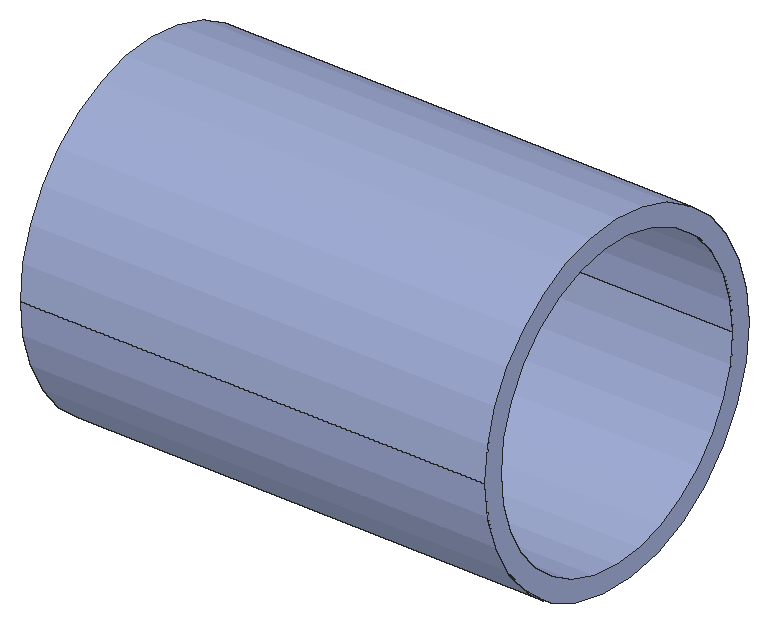
Revit family
Parameters (values of type "30" Dia.")
  URL = "http://www.acousticalsurfaces.com/quiet_liner/quiet_liner.htm?d=0"
  Type Comments = "Acoustical Liner Designed for HVAC"
  Rad-Material = Rad + Material Thickness  # 1' - 5"
  Rad = HVAC_Diameter / 2  # 1' - 3"
  Model = "Quiet Liner"
  Material Thickness = 0' - 2"
  Material = Acoustical Surfaces - Quiet Liner
  Manufacturer = "Acoustical Surfaces Inc."
  built-in parameter 1001306 [instance] = 4' - 0"
  HVAC_Diameter = 2' - 6"
  Description = "Quiet Natural Fiber Liner is used primarily as an acoustical liner designed for HVAC sheet metal ducts to absorb unwanted noise from multiple sources. Quiet Liner also reduces heat gain or loss. Quiet Natural Fiber Liner contains no harmful irritants and is safe to handle and install."
  Assembly Code = ""
Types (3): name | Rad-Material | Rad | Material Thickness | HVAC_Diameter
  24" Dia. | 1' - 1" | 1' - 0" | 0' - 1" | 2' - 0"
  18" Dia. | 0' - 10" | 0' - 9" | 0' - 1" | 1' - 6"
  30" Dia. | 1' - 5" | 1' - 3" | 0' - 2" | 2' - 6"
Reference planes (in)
  plane 1 "Center (Front/Back)": y = 0
  plane 2: z = 0
  plane 3 "Left": x = 0
  plane 4 "Right": x = 48
Forms (in)
  Extrusion 1, solid, material "Acoustical Surfaces - Quiet Liner" <- "Material"
    sketch origin (0, 0, 0) x (0, 1, 0) y (0, 0, 1)
      loop
        circle (0, 0) r 15
      loop
        circle (0, 0) r 17
    from 0 to 48
Lines and regions (in)
  Masking region 1
    outline origin (0, 0, 0) x (0, 1, 0) y (0, 0, 1)
      loop
        circle (0, 0) r 15
  Masking region 2
    outline origin (48, 23, 48) x (0, 1, 0) y (0, 0, 1)
      loop
        circle (-23, -48) r 15
  reference lines
    curve 1: line (0, 0, 0) -> (48, 0, 0)
  symbolic lines, style "DUCT"
    curve 2: line (0, 15, 0) -> (48, 15, 0)
    curve 3: line (48, 15, 0) -> (48, -15, 0)
    curve 4: line (48, -15, 0) -> (0, -15, 0)
    curve 5: line (0, -15, 0) -> (0, 15, 0)
Dimensions and locks (in)
  "built-in parameter 1001306": plane 3 "Left" to plane 4 "Right"
  equal spacing: curve 4, plane 1 "Center (Front/Back)", curve 2
  "HVAC_Diameter": curve 4 to curve 2
  "Rad": radius of Extrusion 1 sketch curve
  "Rad-Material": radius of Extrusion 1 sketch curve
  "Rad": radius of Masking region 1 sketch curve
  "Rad": radius of Masking region 2 sketch curve
  aligned and locked: plane 4 "Right" to curve 1
  aligned and locked: plane 1 "Center (Front/Back)" to curve 1
  aligned and locked: plane 3 "Left" to curve 1
  aligned and locked: Extrusion 1 to curve 1
Automatic sketch dimensions
  Extrusion 1 sketch curve to level = 0' - 0"
  Extrusion 1 sketch curve to plane 1 "Center (Front/Back)" = 0' - 0"
  Extrusion 1 sketch curve to Extrusion 1 sketch curve = 0' - 0"  (x2)
  curve 2 to plane 3 "Left" = 0' - 0"
  curve 4 to plane 4 "Right" = 0' - 0"
  Masking region 1 sketch curve to level = 0' - 0"
  Masking region 1 sketch curve to plane 1 "Center (Front/Back)" = 0' - 0"
  Masking region 2 sketch curve to level = 0' - 0"
  Masking region 2 sketch curve to plane 1 "Center (Front/Back)" = 0' - 0"
